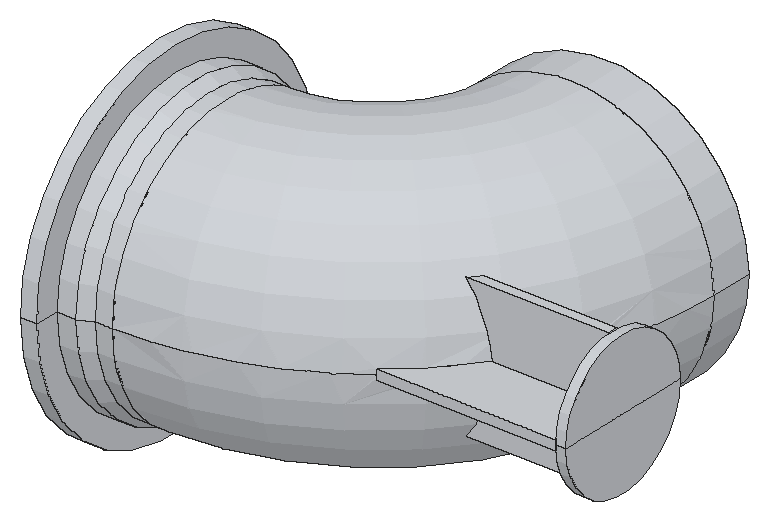
Revit family "4d93db81387c4181951bcae586ccb0c0", category Pipe Fittings, Revit 2021
Family settings
  Round Connector Dimension = Use Radius
  Part Type = Elbow
  OmniClass Number = 23.60.30.11.14
  OmniClass Title = Pipework Fittings
  Seek Item ID = Elbow - Threaded - MI - Class 300-0000-USA-ENU
  Work Plane-Based = No
  Always vertical = Yes
  Cut with Voids When Loaded = No
  Shared = No
Parameters (values of type "Standard")
  Tick Size [instance] = Fitting Outside Diameter * 0.4  # 12.8000"
  Socket Outside Radius [instance] = Socket Outside Diameter / 2  # 16.7500"
  Socket Outside Diameter [instance] = size_lookup(Lookup Table Name, "SOD", 1.08 * Nominal Diameter + 1.1200", Nominal Diameter)  # 33.5000"
  Socket Depth [instance] = if(Nominal Diameter < 14.0000", 2.5000", if(Nominal Diameter < 30.0000", 3.5000", 4.0000"))  # 4.0000"
  Round Base Radius [instance] = Round Base Diameter / 2  # 8.0000"
  Round Base Diameter [instance] = size_lookup(Lookup Table Name, "RBD", 0.43 * Nominal Diameter + 4.7200", Nominal Diameter)  # 16.0000"
  Rib Thickness [instance] = size_lookup(Lookup Table Name, "RThk", 0.03 * Nominal Diameter + 0.4900", Nominal Diameter)  # 1.1500"
  Lookup Table Name = "Base Bend - MJ x PE - DI - Class 250"
  Length 9 [instance] = if(Fitting Outside Radius > Round Base Radius, Round Base Radius, Fitting Outside Radius)  # 8.0000"
  Length 8 [instance] = if(Length 7 < 0.0000", Round Base Radius, Fitting Outside Radius + Length 7)  # 8.0000"
  Length 7 [instance] = tan(Angle 1) * (Center to Socket Bottom 1 - Bevel Length)  # -4.04301"
  Length 6 [instance] = Center to Face + Center to Socket Bottom 1 - Bevel Length  # 46.5000"
  Length 5 [instance] = Length 4 + Bevel Length + Socket Depth  # 7.5000"
  Length 4 [instance] = Center to Socket Bottom 1 - Bevel Length - Length 1  # 2.0000"
  Length 3 [instance] = sin(Angle) * (Center to Socket Bottom 2)  # 26.3700"
  Length 2 [instance] = cos(Angle) * (Center to Socket Bottom 2)  # 0.0000"
  Length 1 [instance] = tan(Angle / 2) * Center Radius  # 21.5000"
  Length 11 [instance] = Center to Face + Length 1 - Length 10  # 37.5626"
  Length 10 [instance] = sqrt((Center Radius + (Center Radius - Rib Thickness)) * Rib Thickness)  # 6.9374"
  Fitting Outside Radius [instance] = Fitting Outside Diameter / 2  # 16.0000"
  Fitting Outside Diameter [instance] = size_lookup(Lookup Table Name, "FOD", 1.04 * Nominal Diameter + 0.7000", Nominal Diameter)  # 32.0000"
  Nominal Radius [instance] = 15.0000"
  Nominal Diameter [instance] = Nominal Radius * 2  # 30.0000"
  Loss Method = K Coefficient from Table
  K Coefficient Table = "Long Radius Elbow"
  Default Elevation = 0.0000"
  Bevel Length [instance] = size_lookup(Lookup Table Name, "BvLgt", 0.04 * Nominal Diameter + 0.4300", Nominal Diameter)  # 1.5000"
  Center to Socket Bottom 2 [instance] = size_lookup(Lookup Table Name, "CtSB2", 0.75 * Nominal Diameter + 11.2500", Nominal Diameter)  # 26.3700"
  Center to Socket Bottom 1 [instance] = size_lookup(Lookup Table Name, "CtSB1", Center to Socket Bottom 1 Not Found, Nominal Diameter)  # 25.0000"
  Center to Socket Bottom 1 Not Found [instance] = tan(Angle / 2) * Center Radius + Bevel Length + Socket Depth  # 27.0000"
  Center to Face [instance] = size_lookup(Lookup Table Name, "CtF", 0.65 * Nominal Diameter + 3.1200", Nominal Diameter)  # 23.0000"
  Center Radius [instance] = size_lookup(Lookup Table Name, "CRad", 0.69 * Nominal Diameter + 1.8100", Nominal Diameter)  # 21.5000"
  Base Thickness [instance] = size_lookup(Lookup Table Name, "BThk", 0.03 * Nominal Diameter + 0.4900", Nominal Diameter)  # 1.1200"
  Gland Width [instance] = size_lookup(Lookup Table Name, "GWid", 0.03 * Nominal Diameter + 0.9400", Nominal Diameter)  # 1.8100"
  Gland Outside Radius [instance] = Gland Outside Diameter / 2  # 19.5600"
  Gland Outside Diameter [instance] = size_lookup(Lookup Table Name, "GOD", 1.16 * Nominal Diameter + 4.0300", Nominal Diameter)  # 39.1200"
  Assembly Code = ""
  Angle 1 [instance] = atan((Round Base Radius - Fitting Outside Radius) / Length 6)  # -9.76177°
  Angle [instance] = 90.00°  # constant formula
Reference planes (in)
  plane 1 "Center (Front/Back)": y = 0
  plane 2: z = 0
  plane 3 "Center (Left/Right)": x = 0
  plane 4: x = -21.5
  plane 5: x = -23.5
  plane 6: y = 21.5
  plane 7: y = 12.8
  plane 8: y = -12.8
  plane 9: x = 0
  plane 10: y = 26.37
  plane 11: x = -29
  plane 12: x = -27.19
  plane 13: y = 19.56
  plane 14: y = 16.75
  plane 15: y = 16
  plane 16: x = -25
  plane 17: x = 21.88
  plane 18: x = 23
  plane 19: y = 0.575
  plane 20: y = -0.575
  plane 21: z = 0.575
  plane 22: z = -0.575
  plane 23: y = 8
  plane 24: z = 8
  plane 25: z = -8
  plane 26: z = 16
  plane 27: z = -16
  plane 28: y = -8
Forms (in)
  Sweep 1, solid, detail levels fine
    path in 3D
      loop
        arc (-21.5, 0, 0) -> (-6.2972, 6.2972, 0) -> (0, 21.5, 0) r 21.5
    profile origin (-6.2972, 6.2972, 0) x (-0.707107, 0.707107, 0) y (0, 0, 1)
      loop
        circle (0, 0) r 16
  Revolve 2, solid, detail levels fine
    sketch origin (0, 0, 0) x (1, 0, 0) y (0, 1, 0)
      loop
        line (-29, 0) -> (-21.5, 0) -> (-21.5, 16) -> (-23.5, 16) -> (-25, 16.75) -> (-27.19, 16.75) -> (-27.19, 19.56) -> (-29, 19.56) -> (-29, 0)
      loop
        line (21.88, 0) -> (23, 0) -> (23, 8) -> (21.88, 8) -> (21.88, 0)
      axis (-29, 0) -> (23, 0)
    angle from 0 to 360
  Extrusion 3, solid, detail levels fine
    sketch origin (0, 0, 0) x (1, 0, 0) y (0, 0, 1)
      loop
        line (21.88, 8) -> (-23.5, 8) -> (-23.5, -8) -> (21.88, -8) -> (21.88, 8)
    from -0.575 to 0.575
  Extrusion 4, solid, detail levels fine
    sketch origin (0, 0, 0) x (1, 0, 0) y (0, 1, 0)
      loop
        line (21.88, 8) -> (0, 8) -> (0, 0) -> (-25, 0) -> (-25, -8) -> (21.88, -8) -> (21.88, 8)
    from -0.575 to 0.575
  Extrusion 5, solid, detail levels fine
    sketch origin (0, 0, 0) x (1, 0, 0) y (0, 0, 1)
      loop
        circle (0, 0) r 16
    from -26.37 to -21.5
Cuts and joins
  joined: Sweep 1, Revolve 2, Extrusion 4, Extrusion 5
Lines and regions (in)
  model lines, style "PipeFitting", detail levels coarse+medium
    curve 1: line (-29, 0, 0) -> (23, 0, 0)
    curve 2: arc (-21.5, 0, 0) -> (-6.2972, 6.2972, 0) -> (0, 21.5, 0) r 21.5
    curve 3: line (0, 21.5, 0) -> (0, 26.37, 0)
  sketch lines
    curve 4: arc (-21.5, 0, 0) -> (-6.2972, 6.2972, 0) -> (0, 21.5, 0) r 21.5
  model lines, detail levels coarse+medium
    curve 5: line (-29, 0, 0) -> (-29, 12.8, 0)
    curve 6: line (-29, 0, 0) -> (-29, -12.8, 0)
    curve 7: line (0, 26.37, 0) -> (-12.8, 26.37, 0)
    curve 8: line (0, 26.37, 0) -> (12.8, 26.37, 0)
    curve 10: line (-14.5626, 1.15, 0) -> (23, 1.15, 0)
  reference lines, not visible
    curve 9: line (0, 26.37, 0) -> (0, 19.05528, 0)
Dimensions and locks (in)
  "Center Radius": plane 6 to plane 1 "Center (Front/Back)"
  "Tick Size": plane 7 to plane 1 "Center (Front/Back)"
  "Tick Size": plane 8 to plane 1 "Center (Front/Back)"
  "Tick Size": curve 7 to curve 7
  "Tick Size": curve 8 to curve 8
  "Length 1": plane 4 to plane 3 "Center (Left/Right)"
  "Length 3": plane 10 to plane 1 "Center (Front/Back)"
  "Gland Width": plane 11 to plane 12
  "Fitting Outside Radius": plane 15 to plane 1 "Center (Front/Back)"
  "Socket Outside Radius": plane 14 to plane 1 "Center (Front/Back)"
  "Gland Outside Radius": plane 13 to plane 1 "Center (Front/Back)"
  "Bevel Length": plane 16 to plane 5
  "Socket Depth": plane 11 to plane 16
  "Center to Socket Bottom 1": plane 16 to plane 3 "Center (Left/Right)"
  "Length 2": plane 3 "Center (Left/Right)" to plane 9
  equal spacing: plane 21, plane 2, plane 22
  "Rib Thickness": plane 21 to plane 22
  equal spacing: plane 20, plane 1 "Center (Front/Back)", plane 19
  "Rib Thickness": plane 20 to plane 19
  "Round Base Radius": plane 23 to plane 1 "Center (Front/Back)"
  "Center to Face": plane 3 "Center (Left/Right)" to plane 18
  "Base Thickness": plane 17 to plane 18
  "Fitting Outside Radius": plane 26 to plane 2
  "Fitting Outside Radius": plane 2 to plane 27
  "Round Base Radius": plane 24 to plane 2
  "Round Base Radius": plane 2 to plane 25
  "Round Base Radius": plane 28 to plane 1 "Center (Front/Back)"
  "Length 8": plane 1 "Center (Front/Back)" to Extrusion 4 sketch curve
  "Length 9": Extrusion 4 sketch curve to plane 1 "Center (Front/Back)"
  "Length 9": Extrusion 3 sketch curve to plane 2
  "Length 9": plane 2 to Extrusion 3 sketch curve
  "Rib Thickness": plane 1 "Center (Front/Back)" to curve 10
  "Length 11": curve 10 to curve 10
  "Center Radius": radius of curve 2
  "Fitting Outside Radius": radius of Sweep 1 sketch curve
  "Fitting Outside Radius": radius of Extrusion 5 sketch curve
  "Angle": angle curve 2 to curve 2
  "Angle": angle plane 1 "Center (Front/Back)" to curve 3
  locked: curve 8 to curve 3 (angle 90.00°)
  locked: curve 3 to curve 7 (angle 90.00°)
  "Angle": angle plane 10 to curve 9
  aligned and locked: plane 4 to curve 2
  aligned and locked: plane 7 to curve 5
  aligned and locked: plane 1 "Center (Front/Back)" to curve 6
  aligned and locked: plane 8 to curve 6
  aligned and locked: plane 9 to curve 9
  aligned and locked: plane 10 to curve 9
  aligned and locked: curve 6 to plane 11
  aligned and locked: Revolve 2 sketch curve to plane 13
  aligned and locked: plane 11 to Revolve 2 sketch curve
  aligned and locked: Revolve 2 sketch curve to plane 12
  aligned and locked: Revolve 2 sketch curve to plane 14
  aligned and locked: Revolve 2 sketch curve to plane 4
  aligned and locked: plane 16 to Revolve 2 sketch curve
  aligned and locked: plane 5 to Revolve 2 sketch curve
  aligned and locked: plane 15 to Revolve 2 sketch curve
  aligned and locked: Revolve 2 sketch curve to plane 1 "Center (Front/Back)"
  aligned and locked: plane 17 to Revolve 2 sketch curve
  aligned and locked: Revolve 2 sketch curve to plane 18
  aligned and locked: plane 23 to Revolve 2 sketch curve
  aligned and locked: plane 19 to Extrusion 3
  aligned and locked: plane 20 to Extrusion 3
  aligned and locked: plane 17 to Extrusion 4 sketch curve
  aligned and locked: plane 28 to Extrusion 4 sketch curve
  aligned and locked: Extrusion 4 sketch curve to plane 23
  aligned and locked: plane 1 "Center (Front/Back)" to Extrusion 4 sketch curve
  aligned and locked: plane 9 to Extrusion 4 sketch curve
  aligned and locked: Extrusion 4 sketch curve to plane 16
  aligned and locked: plane 22 to Extrusion 4
  aligned and locked: plane 21 to Extrusion 4
  aligned and locked: plane 24 to Extrusion 3 sketch curve
  aligned and locked: plane 18 to curve 1
  aligned and locked: plane 18 to curve 10
  aligned and locked: plane 9 to Extrusion 5 sketch curve
  aligned and locked: plane 2 to Extrusion 5 sketch curve
  aligned and locked: Extrusion 5 to plane 6
  aligned and locked: plane 10 to Extrusion 5
Automatic sketch dimensions
  Sweep 1 sketch curve to profile plane = 0.0000"  (x2)
  plane 1 "Center (Front/Back)" to Revolve 2 sketch curve = 0.0000"  (x2)
  Revolve 2 sketch curve to plane 4 = 0.0000"
  Revolve 2 sketch curve to Revolve 2 sketch curve = 0.7500"
  Extrusion 3 sketch curve to plane 5 = 0.0000"
  Extrusion 3 sketch curve to plane 17 = 0.0000"
  curve 8 to plane 10 = 0.0000"
Connectors (in)
  piping at (-29, 0, 0), diameter 30, driven by "Angle", driven by "Nominal Radius"
    settings: on Revolve 2, index 1, connector inside diameter 30.0000", connector length 0.0000", flow factor 0, pipe flow 0 GPM, pressure drop 0.00 psi, fitting loss kfactor 0, connector angle 90.00°, fixture units 0, engagement length 0.0000", angle of deflection 0.00°, flow configuration 0, flow direction 0, fitting loss method 0, system type 28, joint type 0, gender type 0, connector reference index 2, connector utility 0, adjustable connector no, is connector primary yes, connector description ""
  piping at (0, 26.37, 0), diameter 30, driven by "Nominal Radius", driven by "Angle"
    settings: on Extrusion 5, index 2, connector inside diameter 30.0000", connector length 0.0000", flow factor 0, pipe flow 0 GPM, pressure drop 0.00 psi, fitting loss kfactor 0, connector angle 90.00°, fixture units 0, engagement length 0.0000", angle of deflection 0.00°, flow configuration 0, flow direction 0, fitting loss method 0, system type 28, joint type 0, gender type 0, connector reference index 1, connector utility 0, adjustable connector no, is connector primary no, connector description ""
